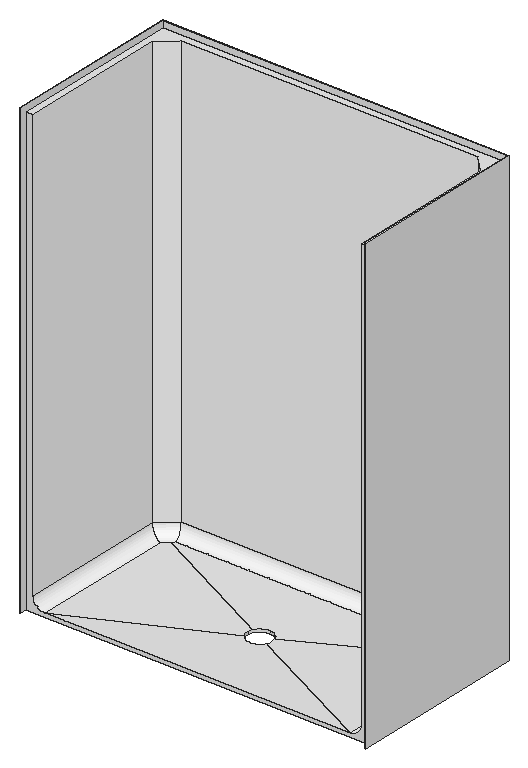
Revit family "LCS6030B75B,B2B", category Plumbing Fixtures, Revit 2014
Parameters (values of type "LCS6030B75B")
  Unit Width = 3' - 2 1/4"
  Unit Height = 6' - 6 1/2"
  URL = "http://www.best-bath.com/"
  Type Comments = "Barrier Free"
  Threshold Height = 0' - 0 3/4"
  Model = "LCS6030B75B"
  Material [instance] = Best Bath Gelcoat Fiberglass - Classic Tile
  Manufacturer = "Best Bath Systems, Inc."
  Keynote = "22 40 00.B3"
  Description = "Classic Tile, Beveled Threshold"
  Assembly Code = "D2010710"
Types (3): name | Unit Height | Threshold Height | Model
  (no name) | 6' - 6 1/2" | 0' - 0 3/4" | "LCS6030B75B"
  LCS6030B75B | 6' - 6 1/2" | 0' - 0 3/4" | "LCS6030B75B"
  LCS6030B2B | 6' - 7 3/4" | 0' - 2" | "LCS6030B2B"
Reference planes (in)
  plane 1: z = 0
  plane 2 "Left": x = 0
  plane 3: z = 77.5
  plane 4: z = 0.75
  plane 5: z = 78.5
  plane 6: y = 6.86165
  plane 7: y = 36.86165
  plane 8: x = 60
  plane 9: y = 35.36165
  plane 10: y = 20.36165
  plane 11: x = 30
  plane 12: z = 0.375
  plane 13: y = 5.86165
Forms (in)
  Extrusion 1, solid, material "Best Bath Gelcoat Fiberglass - Smooth"
    sketch origin (0, 0, 0) x (1, 0, 0) y (0, 1, 0)
      loop
        line (0, 6.86165) -> (60, 6.86165) -> (60, 36.86165) -> (0, 36.86165) -> (0, 6.86165)
      loop
        circle (30, 20.36165) r 2.125
    from 0 to 0.75
  Extrusion 2, solid, material "Best Bath Gelcoat Fiberglass - Smooth"
    sketch origin (0, 0, 0) x (1, 0, 0) y (0, 1, 0)
      loop
        line (0, 36.86165) -> (0, 6.86165) -> (1.5, 6.86165) -> (1.5, 32.62865) -> (4.233, 35.36165) -> (55.9152, 35.36165) -> (58.5, 32.77685) -> (58.5, 6.86165) -> (60, 6.86165) -> (60, 36.86165) -> (0, 36.86165)
    from 0 to 77.5
  Sweep 3, solid, material "Best Bath Gelcoat Fiberglass - Smooth"
    path origin (0, 0, 0) x (1, 0, 0) y (0, 1, 0)
      loop
        line (1.5, 6.86165) -> (1.5, 32.62865) -> (4.233, 35.36165) -> (55.875, 35.36165) -> (58.5, 32.73665) -> (58.5, 6.86165)
    profile origin (1.5, 19.74515, 0) x (-1, 0, 0) y (0, 0, 1)
      loop
        line (0, 0.75) -> (0, 2.75)
        arc (0, 2.75) -> (-0.58579, 1.33579) -> (-2, 0.75) r 2
        line (-2, 0.75) -> (0, 0.75)
  Blend 4, void
    base sketch origin (0, 0, 0) x (1, 0, 0) y (0, 1, 0)
      loop
        line (3.5, 6.86165) -> (56.5, 6.86165) -> (56.5, 33.36165) -> (3.5, 33.36165) -> (3.5, 6.86165)
    top sketch origin (0, 0, 0) x (1, 0, 0) y (0, 1, 0)
      loop
        circle (30, 20.36165) r 0.06715
    from 0.75 to 0.375
  Extrusion 5, solid, material "Best Bath Gelcoat Fiberglass - Smooth"
    sketch origin (0, 0, 0) x (1, 0, 0) y (0, 1, 0)
      loop
        line (0, 5.86165) -> (0.125, 5.86165) -> (0.125, 36.73665) -> (59.875, 36.73665) -> (59.875, 5.86165) -> (60, 5.86165) -> (60, 36.86165) -> (0, 36.86165) -> (0, 5.86165)
    from 0 to 78.5
Cuts and joins
  Blend 4 cuts Extrusion 1
  Blend 4 cuts Extrusion 2
  joined: Extrusion 1, Extrusion 2, Sweep 3, Extrusion 5
Dimensions and locks (in)
  "Threshold Height": plane 4 to level
  locked: plane 5 to plane 3 at 1
  "Unit Height": plane 5 to level
  equal spacing: plane 2 "Left", plane 11, plane 8
  locked: plane 2 "Left" to plane 8 at 60
  plane 7 to plane 9 = 0' - 1 1/2"
  locked: plane 7 to plane 10 at 16.5
  locked: Extrusion 1 to Extrusion 2 sketch curve at 1.5
  locked: Extrusion 2 sketch curve to Extrusion 1 at 1.5
  locked: plane 4 to plane 12 at 0.375
  locked: plane 6 to plane 13 at 1
  locked: plane 7 to plane 13 at 31
  aligned and locked: level to plane 1
  aligned and locked: Extrusion 1 sketch curve to plane 6
  aligned and locked: Extrusion 1 sketch curve to plane 2 "Left"
  aligned and locked: plane 7 to Extrusion 1 sketch curve
  aligned and locked: Extrusion 1 sketch curve to plane 8
  aligned and locked: plane 11 to Extrusion 1 sketch curve
  aligned and locked: plane 10 to Extrusion 1 sketch curve
  aligned and locked: Extrusion 2 sketch curve to Extrusion 1  (x4)
  aligned and locked: Extrusion 1 to plane 4
  aligned and locked: plane 3 to Extrusion 2
  aligned and locked: Sweep 3 sketch curve to plane 4
  aligned and locked: plane 10 to Blend 4 sketch curve
  aligned and locked: plane 11 to Blend 4 sketch curve
  aligned and locked: Blend 4 to plane 4
  aligned and locked: Blend 4 to plane 12
  aligned and locked: Extrusion 2 sketch curve to plane 9
  aligned and locked: plane 5 to Extrusion 5
Automatic sketch dimensions
  Sweep 3 sketch curve to profile plane = 0' - 0"
  profile plane to Sweep 3 sketch curve = 0' - 2"
  Extrusion 2 sketch curve to plane 6 = 0' - 0"
  plane 2 "Left" to Extrusion 2 sketch curve = 0' - 4.233"
  Extrusion 2 sketch curve to Extrusion 2 sketch curve = 0' - 2.5848"
  Extrusion 2 sketch curve to plane 9 = 0' - 2.733"
  Extrusion 2 sketch curve to plane 9 = 0' - 2.5848"
  Sweep 3 sketch curve to plane 9 = 0' - 0"
  plane 2 "Left" to Sweep 3 sketch curve = 0' - 1 1/2"
  Sweep 3 sketch curve to plane 9 = 0' - 2.733"
  Sweep 3 sketch curve to plane 6 = 0' - 0"  (x2)
  Sweep 3 sketch curve to Sweep 3 sketch curve = 0' - 2.733"
  plane 8 to Sweep 3 sketch curve = 0' - 4 1/8"
  plane 8 to Sweep 3 sketch curve = 0' - 1 1/2"
  Sweep 3 sketch curve to plane 9 = 0' - 2 5/8"
  Blend 4 sketch curve to plane 6 = 0' - 0"
  plane 2 "Left" to Blend 4 sketch curve = 0' - 3 1/2"
  Blend 4 sketch curve to plane 9 = 0' - 2"
  plane 8 to Blend 4 sketch curve = 0' - 3 1/2"
  Extrusion 5 sketch curve to plane 2 "Left" = 0' - 0"
  Extrusion 5 sketch curve to plane 13 = 0' - 0"  (x2)
  Extrusion 5 sketch curve to plane 7 = 0' - 0"
  Extrusion 5 sketch curve to plane 8 = 0' - 0"
  plane 2 "Left" to Extrusion 5 sketch curve = 0' - 0 1/8"
  plane 8 to Extrusion 5 sketch curve = 0' - 0 1/8"
  Extrusion 5 sketch curve to plane 7 = 0' - 0 1/8"
  radius of Extrusion 1 sketch curve = 0' - 2 1/8"
  radius of Blend 4 sketch curve = 0' - 0.06715"
